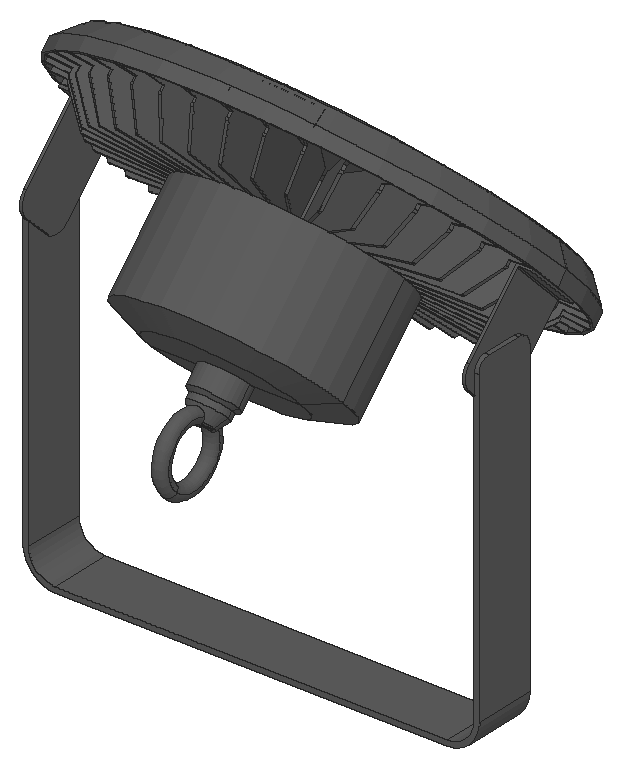
Revit family "0039347+0039353 Feilo Sylvania Lighting Fixture START HIGHBAY 4K 13KLM WIDE with BRACKET", category Lighting Fixtures, host Face, Revit 2017
Family settings
  Host = Face
  Round Connector Dimension = Use Diameter
  Part Type = Normal
  OmniClass Number = 23.80.70.00
  OmniClass Title = Lighting
  Cut with Voids When Loaded = No
  Light Source = No
  Shared = No
  Room Calculation Point = No
Parameters (values of type "0039347+0039353 START HIGHBAY 4K 13KLM WIDE with BRACKET     ")
  Weight = "3.0 kg"
  Wattage Comments = ""
  WarrantyStartDate [instance] = "n/a"
  WarrantyGuarantorParts = "n/a"
  WarrantyDurationUnit = "n/a"
  WarrantyDurationParts = "n/a"
  WarrantyDescription = "n/a"
  Voltage = 230 V
  URL = "http://www.sylvania-lighting.com"
  TypeName = "START HIGHBAY 4K 13KLM WIDE with BRACKET"
  TypeHead_FEILO = Start LED Highbay Head : 0039347+0039353 START HIGHBAY 4K 13KLM WIDE with BRACKET     
  Type Image = <None>
  Type Comments = "n/a"
  TiltAngle_FEILO [instance] = 45.00°
  ThicknessBracketPlate_FEILO = 3 mm
  SizeBracketS_FEILO = yes
  SizeBracketM_FEILO = no
  SerialNumber [instance] = "n/a"
  RadiusBracketTop_FEILO = 7 mm
  RadiusBendOut_FEILO = if(SizeBracketS_FEILO, 18 mm, if(SizeBracketM_FEILO, 24 mm, 28 mm))  # 18 mm
  RadiusBendIn_FEILO = RadiusBendOut_FEILO - ThicknessBracketPlate_FEILO  # 15 mm
  Material_3_FEILO = none
  PowerFactor = 0.95
  PowerConsumption = "100 W"
  NominalLength = 270 mm
  NominalHeight = 170 mm
  NominalDepth = 270 mm
  Name = "START HIGHBAY 4K 13KLM WIDE with BRACKET"
  ModelReference = Name  # "START HIGHBAY 4K 13KLM WIDE with BRACKET"
  ModelNumber = "0039347+0039353"
  Model = Name  # "START HIGHBAY 4K 13KLM WIDE with BRACKET"
  Material = "aluminium alloy housing, polycarbonate diffuser"
  ManufacturerName = "Feilo Sylvania"
  Manufacturer = "Feilo Sylvania"
  LuminousEfficacy = "130 lm/W"
  LuminaireType = ""
  LightOutputRatio = "n/a"
  LampsType = Lamp  # "LED"
  LampNominalLuminous = "13000 lm"
  LampMacAdamStep = "n/a"
  LampColourTemperature = "4000 K"
  LampColourRenderingIndex = "80"
  Lamp = "LED"
  Keynote = "16500"
  InstallationDate [instance] = "n/a"
  InputVoltage = "220-240V~"
  InputNominalFrequency = "50/60 Hz"
  IngressProtection = "IP65"
  ImpactProtectionIndex = "IK08"
  IfcExportType = "IfcLightFixtureType"
  IfcExportAs = "IfcLightFixtureType"
  ExpectedLife = 50000
  EndAngle_FEILO [instance] = TiltAngle_FEILO + 180.00°  # 225.00°
  ElectricShockClassification = "Class I"
  DurationUnit = "hours"
  DocumentationLiterature = "http://www.sylvania-lighting.com/product/en-int/products/0039347"
  DimmingControlOptions = "n/a"
  Material_2_FEILO = none
  Description = "START HIGHBAY, includes 1 m cables, black aluminium housing, 13000LM, 100W, 130lm/W, 4000K, Driver current: 2140mA, CR80, 90° beam angle, 1-10V dimmable,  IP65, IK08, 50,000 hrs (L70B50), (LxWxH) 270x270x170mm"
  Default Elevation = 1219.2 mm
  CreatedOn = "2/28/2018"
  CreatedBy = ""
  Cost = 0
  built-in parameter 1114216 [instance] = (empty or 0)
  ClassificationValue = "EF_70_80"
  ClassificationName = "Uniclass2015"
  Material_1_FEILO = Body-Sylvania-StartHighbay-Black
  BracketHeight_FEILO = if(SizeBracketS_FEILO, 199.5 mm, if(SizeBracketM_FEILO, 209.6 mm, 201.3 mm))  # 199.5 mm
  BracketDistanceInner_FEILO = if(SizeBracketS_FEILO, 249.4 mm, if(SizeBracketM_FEILO, 273.6 mm, 313.2 mm))  # 249.4 mm
  BarCode [instance] = "n/a"
  AssetType = "Fixed"
  AssetIdentifier [instance] = "n/a"
  Assembly Code = "D5020200"
  Apparent Load = 100 VA
  Material_4_FEILO = none
Reference planes
  plane 1 "Center (Front/Back)": y = 0
  plane 2: z = 0
  plane 3 "Center (Left/Right)": x = 0
  plane 4: x = -127.7
  plane 5: x = 127.7
  plane 6: z = 199.5
  plane 7: x = -124.7
  plane 8: z = 3
  plane 9: x = 124.7
  plane 10: y = 17.5
  plane 11: y = -17.5
  plane 12: y = -19.5
  plane 13: z = 201.5
  plane 14: y = 19.5
  plane 15: z = 190.5
Forms (mm)
  Extrusion 1, solid, material "Body-Sylvania-StartHighbay-Black" <- "Material_1_FEILO"
    sketch origin (0, 0, 0) x (1, 0, 0) y (0, 0, 1)
      loop
        line (-127.7, 199.5) -> (-127.7, 18)
        arc (-127.7, 18) -> (-122.428, 5.272) -> (-109.7, 0) r 18
        line (-109.7, 0) -> (109.7, 0)
        arc (109.7, 0) -> (122.428, 5.272) -> (127.7, 18) r 18
        line (127.7, 18) -> (127.7, 199.5) -> (124.7, 199.5) -> (124.7, 18)
        arc (124.7, 18) -> (120.307, 7.393) -> (109.7, 3) r 15
        line (109.7, 3) -> (-109.7, 3)
        arc (-109.7, 3) -> (-120.307, 7.393) -> (-124.7, 18) r 15
        line (-124.7, 18) -> (-124.7, 199.5) -> (-127.7, 199.5)
    from -17.5 to 17.5
  Extrusion 2, void
    sketch origin (0, 0, 0) x (0, 1, 0) y (0, 0, 1)
      loop
        arc (10.5, 199.5) -> (15.45, 197.45) -> (17.5, 192.5) r 7
        line (17.5, 192.5) -> (19.5, 192.5) -> (19.5, 201.5) -> (-19.5, 201.5) -> (-19.5, 192.5) -> (-17.5, 192.5)
        arc (-17.5, 192.5) -> (-15.45, 197.45) -> (-10.5, 199.5) r 7
        line (-10.5, 199.5) -> (10.5, 199.5)
    from -127.7 to 127.7
  Revolve 3, solid, not visible
    sketch origin (1223.4, -4572, 190.5) x (0, -1, 0) y (1, 0, 0)
      loop
        line (-4572, -1223.4) -> (-4591.5, -1223.4) -> (-4591.5, -1277.783) -> (-4572, -1277.783) -> (-4572, -1223.4)
      axis (-4572, -1223.4) -> (-4572, -1277.783)
    angle from 45 <- "TiltAngle_FEILO" to 225 <- "EndAngle_FEILO"
Cuts and joins
  Extrusion 2 cuts Extrusion 1
Dimensions and locks
  "BracketHeight_FEILO": plane 6 to plane 2
  equal spacing: plane 11, plane 1 "Center (Front/Back)", plane 10
  locked: plane 11 to plane 10 at 35
  equal spacing: plane 9, plane 3 "Center (Left/Right)", plane 7
  "BracketDistanceInner_FEILO": plane 9 to plane 7
  "ThicknessBracketPlate_FEILO": plane 7 to plane 4
  "ThicknessBracketPlate_FEILO": plane 8 to plane 2
  equal spacing: plane 5, plane 3 "Center (Left/Right)", plane 4
  equal spacing: plane 12, plane 1 "Center (Front/Back)", plane 14
  locked: plane 6 to plane 13 at 2
  locked: plane 12 to plane 11 at 2
  locked: plane 6 to plane 15 at 9
  "RadiusBendOut_FEILO": radius of Extrusion 1 sketch curve  (x2)
  "RadiusBendIn_FEILO": radius of Extrusion 1 sketch curve  (x2)
  "RadiusBracketTop_FEILO": radius of Extrusion 2 sketch curve  (x2)
  aligned and locked: plane 2 to host face
  aligned and locked: level to host face
  aligned and locked: Extrusion 1 sketch curve to plane 4
  aligned and locked: Extrusion 1 sketch curve to level
  aligned and locked: plane 6 to Extrusion 1 sketch curve
  aligned and locked: Extrusion 1 sketch curve to plane 6
  aligned and locked: Extrusion 1 sketch curve to plane 7
  aligned and locked: plane 9 to Extrusion 1 sketch curve
  aligned and locked: plane 8 to Extrusion 1 sketch curve
  aligned and locked: Extrusion 1 to plane 10
  aligned and locked: plane 11 to Extrusion 1
  aligned and locked: Extrusion 1 to Extrusion 2 sketch curve
  aligned and locked: plane 14 to Extrusion 2 sketch curve  (x2)
  aligned and locked: Extrusion 2 sketch curve to plane 12
  aligned and locked: plane 13 to Extrusion 2 sketch curve
  aligned and locked: plane 5 to Extrusion 2
  aligned and locked: Extrusion 2 to plane 4
  aligned and locked: Revolve 3 sketch curve to plane 1 "Center (Front/Back)"
  aligned and locked: Revolve 3 sketch curve to Revolve 3 sketch curve
  aligned and locked: plane 3 "Center (Left/Right)" to Revolve 3 sketch curve
  aligned and locked: Revolve 3 sketch curve to plane 14
  aligned and locked: nested 1 to plane 3 "Center (Left/Right)"
Automatic sketch dimensions
  host sketch curve to host sketch curve = 2438.4 mm  (x2)
  Revolve 3 sketch curve to Revolve 3 sketch curve = 54.383 mm
  Revolve 3 sketch curve to plane 4 = 1396.3 mm
  plane 5 to Revolve 3 sketch curve = 1396.3 mm
  Extrusion 1 sketch curve to Extrusion 1 sketch curve = 0 mm
  Extrusion 2 sketch curve to plane 11 = 0 mm
  Extrusion 2 sketch curve to plane 10 = 0 mm
Nested families
  nested 1: "Start LED Highbay Head" at (0, 0, 190.5) x (-1, 0, 0) z (0, 0.7071, 0.7071), type <- "TypeHead_FEILO", type "0039347+0039353 START HIGHBAY 4K 13KLM WIDE with BRACKET     "
    with built-in parameter 1114216 (empty or 0)
Connectors
  electrical at (0, 0, 0), driven by "Apparent Load", driven by "PowerFactor", driven by "Voltage"
    settings: index 1, voltage 230 V, apparent load 100 VA, apparent load phase1 0 VA, apparent load phase2 0 VA, apparent load phase3 0 VA, power factor 0.95, load classification "Lighting", number of poles 1, system type 30, power factor state 1, is connector primary yes, connector utility no, sub classification motor no, connector description ""
Definition of nested family "Start LED Highbay Head"
  Parameters (values of type "0039351+0039354+0039358 START HIGHBAY 6K 19KLM WIDE with BRACKET and PC LAMPSHADE TRANSPARENT ")
    X_FEILO = if(SizeS_FEILO, 60.3 mm, if(SizeM_FEILO, 70.4 mm, 83.5 mm))  # 70.4 mm
    WidthStraight_FEILO = if(SizeS_FEILO, 3 mm, if(SizeM_FEILO, 4 mm, 4.7 mm))  # 4 mm
    WidthRingChamfer_FEILO = if(SizeS_FEILO, 10.3 mm, if(SizeM_FEILO, 11.2 mm, 12.9 mm))  # 11.2 mm
    WidthCurved_FEILO = if(SizeS_FEILO, 17.4 mm, if(SizeM_FEILO, 16.4 mm, 26.2 mm))  # 16.4 mm
    WidthCurvedRing_FEILO = if(SizeS_FEILO, 3 mm, if(SizeM_FEILO, 4 mm, 4.7 mm))  # 4 mm
    WidthBracket_FEILO = 40 mm
    Wattage Comments = ""
    Wattage = 150 W
    built-in parameter 1150110 = 1 (stored number, unit not read)
    URL = "http://www.feilosylvania.com"
    Type Image = (empty or 0)
    Type Comments = "n/a"
    built-in parameter 1114217 = 1 (stored number, unit not read)
    Tilt Angle = -90.00°
    ThicknessWall_FEILO = 1.5 mm
    ThicknessBracket_FEILO = 1.5 mm
    ThicknessBracketHalf_FEILO = ThicknessBracket_FEILO / 2  # 0.75 mm
    built-in parameter 1150109 = 1 (stored number, unit not read)
    built-in parameter 1150134 = 1
    built-in parameter 1150113 = 1 (stored number, unit not read)
    SizeS_FEILO = no
    SizeM_FEILO = yes
    ShadeThickness_FEILO = 3 mm
    ShadeSizeSM_FEILO = or(SizeS_FEILO, SizeM_FEILO)  # yes
    ShadeRadiusOut_FEILO = 205 mm
    ShadeRadiusIn_FEILO = if(ShadeSizeSM_FEILO, 95 mm, 121 mm)  # 95 mm
    ShadeRadiusBend_FEILO = if(ShadeSizeSM_FEILO, 210 mm, 210 mm)  # 210 mm
    ShadeOn_FEILO = yes
    ShadeHeight_FEILO = if(ShadeSizeSM_FEILO, 120 mm, 151 mm)  # 120 mm
    Rib4_FEILO = if(SizeS_FEILO, 18.1 mm, if(SizeM_FEILO, 13.6 mm, 14.6 mm))  # 13.6 mm
    Rib3_FEILO = if(SizeS_FEILO, 15.3 mm, if(SizeM_FEILO, 17.6 mm, 20.2 mm))  # 17.6 mm
    Rib2_FEILO = if(SizeS_FEILO, 3.6 mm, if(SizeM_FEILO, 3.9 mm, 4.5 mm))  # 3.9 mm
    Rib1_FEILO = if(SizeS_FEILO, 15.1 mm, if(SizeM_FEILO, 16.5 mm, 19 mm))  # 16.5 mm
    RadiusDiffuser_FEILO = if(SizeS_FEILO, 95.2 mm, if(SizeM_FEILO, 105.3 mm, 120 mm))  # 105.3 mm
    RadiusArrayPost_FEILO = DriverRadius_FEILO - 6 mm  # 61.2 mm
    RHRadius3_FEILO = if(SizeS_FEILO, 6.6 mm, if(SizeM_FEILO, 7.4 mm, 8.6 mm))  # 7.4 mm
    RHRadius2_FEILO = if(SizeS_FEILO, 11 mm, if(SizeM_FEILO, 12 mm, 14 mm))  # 12 mm
    RHRadius1_FEILO = if(SizeS_FEILO, 13.6 mm, if(SizeM_FEILO, 14.9 mm, 17.7 mm))  # 14.9 mm
    RHHeight4_FEILO = if(SizeS_FEILO, 7.3 mm, if(SizeM_FEILO, 8 mm, 9.2 mm))  # 8 mm
    RHHeight3_FEILO = if(SizeS_FEILO, 3.6 mm, if(SizeM_FEILO, 3.7 mm, 4.6 mm))  # 3.7 mm
    RHHeight2_FEILO = if(SizeS_FEILO, 2 mm, if(SizeM_FEILO, 2.2 mm, 2.6 mm))  # 2.2 mm
    RHHeight1_FEILO = if(SizeS_FEILO, 11.8 mm, if(SizeM_FEILO, 15.3 mm, 17.4 mm))  # 15.3 mm
    Photometric Web File = "0039351+0039358.ies"
    Material_5_FEILO = none
    Material_3_FEILO = none
    Model = "START HIGHBAY 6K 19KLM WIDE with BRACKET and PC LAMPSHADE TRANSPARENT"
    Manufacturer = "Feilo Sylvania"
    built-in parameter 1150105 = 10854.2 (stored number, unit not read)
    Lumens = 19500 lm
    built-in parameter 1150115 = 1 (stored number, unit not read)
    built-in parameter 1150137 = (empty or 0)
    built-in parameter 1150139 = (empty or 0)
    built-in parameter 1150112 = 1 (stored number, unit not read)
    built-in parameter 1150114 = 1 (stored number, unit not read)
    Lamp = "LED"
    Keynote = "16500"
    built-in parameter 1150132 = (empty or 0)
    built-in parameter 1150102 = (empty or 0)
    built-in parameter 1150107 = 6500 (stored number, unit not read)
    built-in parameter 1150138 = (empty or 0)
    built-in parameter 1150106 = 108.54 (stored number, unit not read)
    HeightRing_FEILO = if(SizeS_FEILO, 19.8 mm, if(SizeM_FEILO, 32 mm, 36.8 mm))  # 32 mm
    HeightRingChamfer_FEILO = if(SizeS_FEILO, 11.7 mm, if(SizeM_FEILO, 23.2 mm, 26.6 mm))  # 23.2 mm
    EyeThickness_FEILO = if(SizeS_FEILO, 8.4 mm, if(SizeM_FEILO, 9.2 mm, 10.5 mm))  # 9.2 mm
    EyeThicknessHalf_FEILO = EyeThickness_FEILO / 2  # 4.6 mm
    EyeInner_FEILO = if(SizeS_FEILO, 13.8 mm, if(SizeM_FEILO, 15.1 mm, 17.3 mm))  # 15.1 mm
    Emit from Circle Diameter = RadiusDiffuser_FEILO * 2  # 210.6 mm
    Emit Shape Visible in Rendering = no
    built-in parameter 1150104 = 12.077 (stored number, unit not read)
    DriverVerticalStraight_FEILO = if(SizeS_FEILO, 46.5 mm, if(SizeM_FEILO, 49.7 mm, 57 mm))  # 49.7 mm
    DriverVerticalChamfer_FEILO = if(SizeS_FEILO, 7.5 mm, if(SizeM_FEILO, 8.2 mm, 9.5 mm))  # 8.2 mm
    DriverRadius_FEILO = if(SizeS_FEILO, 61.4 mm, if(SizeM_FEILO, 67.2 mm, 76.4 mm))  # 67.2 mm
    DriverRadiusTop_FEILO = if(SizeS_FEILO, 42 mm, if(SizeM_FEILO, 45.3 mm, 52.4 mm))  # 45.3 mm
    DriverBottom_FEILO = if(SizeS_FEILO, 56 mm, if(SizeM_FEILO, 64.5 mm, 74 mm))  # 64.5 mm
    Material_2_FEILO = none
    Radius_FEILO = if(SizeS_FEILO, 135 mm, if(SizeM_FEILO, 148 mm, 169.5 mm))  # 148 mm
    Dimming Lamp Color Temperature Shift = (empty or 0)
    DiameterWire_FEILO = 3 mm
    DiameterWireSupport_FEILO = 10 mm
    Description = "START HIGHBAY, includes 1 m cables, black aluminium housing, 19500LM, 150W, 130lm/W, 6500K, Driver current: 2140mA, CR80, 60° beam angle, 1-10V dimmable,  IP65, IK08, 50,000 hrs (L70B50), (LxWxH) 296x296x177mm"
    Default Elevation = 1219.2 mm
    Cost = 0
    Color Filter = 16777215
    built-in parameter 1114216 [instance] = (empty or 0)
    Material_1_FEILO = none
    built-in parameter 1114218 = 1 (stored number, unit not read)
    built-in parameter 1150133 = 10 (stored number, unit not read)
    Assembly Code = "D5020200"
    Apparent Load = 150 VA
    Material_4_FEILO = none
  Types (36, lengths in mm): name | X_FEILO | WidthStraight_FEILO | WidthRingChamfer_FEILO | WidthCurved_FEILO | WidthCurvedRing_FEILO | Wattage | built-in parameter 1150134 | SizeS_FEILO | SizeM_FEILO | ShadeSizeSM_FEILO | ShadeRadiusIn_FEILO | ShadeOn_FEILO | ShadeHeight_FEILO | Rib4_FEILO | Rib3_FEILO | Rib2_FEILO | Rib1_FEILO | RadiusDiffuser_FEILO | RadiusArrayPost_FEILO | RHRadius3_FEILO | RHRadius2_FEILO | RHRadius1_FEILO | RHHeight4_FEILO | RHHeight3_FEILO | RHHeight2_FEILO | RHHeight1_FEILO | Photometric Web File | Model | built-in parameter 1150105 | Lumens | built-in parameter 1150107 | built-in parameter 1150106 | HeightRing_FEILO | HeightRingChamfer_FEILO | EyeThickness_FEILO | EyeThicknessHalf_FEILO | EyeInner_FEILO | Emit from Circle Diameter | DriverVerticalStraight_FEILO | DriverVerticalChamfer_FEILO | DriverRadius_FEILO | DriverRadiusTop_FEILO | DriverBottom_FEILO | Radius_FEILO | Description | Apparent Load
    0039352+0039355+0039361 START HIGHBAY 6K 26KLM WIDE with BRACKET and PC LAMPSHADE TRANSPARENT | 83.5 | 4.7 | 12.9 | 26.2 | 4.7 | 200 W | 1 | no | no | no | 121 | yes | 151 | 14.6 | 20.2 | 4.5 | 19 | 120 | 70.4 | 8.6 | 14 | 17.7 | 9.2 | 4.6 | 2.6 | 17.4 | "0039352+0039361.ies" | "START HIGHBAY 6K 26KLM WIDE with BRACKET and PC LAMPSHADE TRANSPARENT" | 17911 (stored number, unit not read) | 26000 lm | 6500 (stored number, unit not read) | 179.11 (stored number, unit not read) | 36.8 | 26.6 | 10.5 | 5.25 | 17.3 | 240 | 57 | 9.5 | 76.4 | 52.4 | 74 | 169.5 | "START HIGHBAY, includes 1 m cables, black aluminium housing, 26000LM, 200W, 130lm/W, 6500K, Driver current: 5000mA, CR80, 60° beam angle, 1-10V dimmable,  IP65, IK08, 50,000 hrs (L70B50), (LxWxH) 339x339x194mm" | 200 VA
    0039352+0039355+0039360 START HIGHBAY 6K 26KLM WIDE with BRACKET and ALU SHADE BLACK COLOR | 83.5 | 4.7 | 12.9 | 26.2 | 4.7 | 200 W | 1 | no | no | no | 121 | yes | 151 | 14.6 | 20.2 | 4.5 | 19 | 120 | 70.4 | 8.6 | 14 | 17.7 | 9.2 | 4.6 | 2.6 | 17.4 | "0039352+0039360.ies" | "START HIGHBAY 6K 26KLM WIDE with BRACKET and ALU SHADE BLACK COLOR" | 14870 (stored number, unit not read) | 26000 lm | 6500 (stored number, unit not read) | 148.7 (stored number, unit not read) | 36.8 | 26.6 | 10.5 | 5.25 | 17.3 | 240 | 57 | 9.5 | 76.4 | 52.4 | 74 | 169.5 | "START HIGHBAY, includes 1 m cables, black aluminium housing, 26000LM, 200W, 130lm/W, 6500K, Driver current: 5000mA, CR80, 60° beam angle, 1-10V dimmable,  IP65, IK08, 50,000 hrs (L70B50), (LxWxH) 339x339x194mm" | 200 VA
    0039352+0039355+0039359 START HIGHBAY 6K 26KLM WIDE with BRACKET and ALU SHADE ALU COLOR | 83.5 | 4.7 | 12.9 | 26.2 | 4.7 | 200 W | 1 | no | no | no | 121 | yes | 151 | 14.6 | 20.2 | 4.5 | 19 | 120 | 70.4 | 8.6 | 14 | 17.7 | 9.2 | 4.6 | 2.6 | 17.4 | "0039352+0039359.ies" | "START HIGHBAY 6K 26KLM WIDE with BRACKET and ALU SHADE ALU COLOR" | 14870 (stored number, unit not read) | 26000 lm | 6500 (stored number, unit not read) | 148.7 (stored number, unit not read) | 36.8 | 26.6 | 10.5 | 5.25 | 17.3 | 240 | 57 | 9.5 | 76.4 | 52.4 | 74 | 169.5 | "START HIGHBAY, includes 1 m cables, black aluminium housing, 26000LM, 200W, 130lm/W, 6500K, Driver current: 5000mA, CR80, 60° beam angle, 1-10V dimmable,  IP65, IK08, 50,000 hrs (L70B50), (LxWxH) 339x339x194mm" | 200 VA
    0039352+0039355 START HIGHBAY 6K 26KLM WIDE with BRACKET | 83.5 | 4.7 | 12.9 | 26.2 | 4.7 | 200 W | 1 | no | no | no | 121 | no | 151 | 14.6 | 20.2 | 4.5 | 19 | 120 | 70.4 | 8.6 | 14 | 17.7 | 9.2 | 4.6 | 2.6 | 17.4 | "0039352.ies" | "START HIGHBAY 6K 26KLM WIDE with BRACKET" | 13836.2 (stored number, unit not read) | 26000 lm | 6500 (stored number, unit not read) | 138.36 (stored number, unit not read) | 36.8 | 26.6 | 10.5 | 5.25 | 17.3 | 240 | 57 | 9.5 | 76.4 | 52.4 | 74 | 169.5 | "START HIGHBAY, includes 1 m cables, black aluminium housing, 26000LM, 200W, 130lm/W, 6500K, Driver current: 5000mA, CR80, 60° beam angle, 1-10V dimmable,  IP65, IK08, 50,000 hrs (L70B50), (LxWxH) 339x339x194mm" | 200 VA
    0039351+0039354+0039358 START HIGHBAY 6K 19KLM WIDE with BRACKET and PC LAMPSHADE TRANSPARENT | 70.4 | 4 | 11.2 | 16.4 | 4 | 150 W | 1 | no | yes | yes | 95 | yes | 120 | 13.6 | 17.6 | 3.9 | 16.5 | 105.3 | 61.2 | 7.4 | 12 | 14.9 | 8 | 3.7 | 2.2 | 15.3 | "0039351+0039358.ies" | "START HIGHBAY 6K 19KLM WIDE with BRACKET and PC LAMPSHADE TRANSPARENT" | 10854.2 (stored number, unit not read) | 19500 lm | 6500 (stored number, unit not read) | 108.54 (stored number, unit not read) | 32 | 23.2 | 9.2 | 4.6 | 15.1 | 210.6 | 49.7 | 8.2 | 67.2 | 45.3 | 64.5 | 148 | "START HIGHBAY, includes 1 m cables, black aluminium housing, 19500LM, 150W, 130lm/W, 6500K, Driver current: 2140mA, CR80, 60° beam angle, 1-10V dimmable,  IP65, IK08, 50,000 hrs (L70B50), (LxWxH) 296x296x177mm" | 150 VA
    0039351+0039354+0039357 START HIGHBAY 6K 19KLM WIDE with BRACKET and ALU SHADE BLACK COLOR | 70.4 | 4 | 11.2 | 16.4 | 4 | 150 W | 1 | no | yes | yes | 95 | yes | 120 | 13.6 | 17.6 | 3.9 | 16.5 | 105.3 | 61.2 | 7.4 | 12 | 14.9 | 8 | 3.7 | 2.2 | 15.3 | "0039351+0039357.ies" | "START HIGHBAY 6K 19KLM WIDE with BRACKET and ALU SHADE BLACK COLOR" | 11152.5 (stored number, unit not read) | 19500 lm | 6500 (stored number, unit not read) | 111.52 (stored number, unit not read) | 32 | 23.2 | 9.2 | 4.6 | 15.1 | 210.6 | 49.7 | 8.2 | 67.2 | 45.3 | 64.5 | 148 | "START HIGHBAY, includes 1 m cables, black aluminium housing, 19500LM, 150W, 130lm/W, 6500K, Driver current: 2140mA, CR80, 60° beam angle, 1-10V dimmable,  IP65, IK08, 50,000 hrs (L70B50), (LxWxH) 296x296x177mm" | 150 VA
    0039351+0039354+0039356 START HIGHBAY 6K 19KLM WIDE with BRACKET and ALU SHADE ALU COLOR | 70.4 | 4 | 11.2 | 16.4 | 4 | 150 W | 1 | no | yes | yes | 95 | yes | 120 | 13.6 | 17.6 | 3.9 | 16.5 | 105.3 | 61.2 | 7.4 | 12 | 14.9 | 8 | 3.7 | 2.2 | 15.3 | "0039351+0039356.ies" | "START HIGHBAY 6K 19KLM WIDE with BRACKET and ALU SHADE ALU COLOR" | 11152.5 (stored number, unit not read) | 19500 lm | 6500 (stored number, unit not read) | 111.52 (stored number, unit not read) | 32 | 23.2 | 9.2 | 4.6 | 15.1 | 210.6 | 49.7 | 8.2 | 67.2 | 45.3 | 64.5 | 148 | "START HIGHBAY, includes 1 m cables, black aluminium housing, 19500LM, 150W, 130lm/W, 6500K, Driver current: 2140mA, CR80, 60° beam angle, 1-10V dimmable,  IP65, IK08, 50,000 hrs (L70B50), (LxWxH) 296x296x177mm" | 150 VA
    0039351+0039354 START HIGHBAY 6K 19KLM WIDE with BRACKET | 70.4 | 4 | 11.2 | 16.4 | 4 | 150 W | 1 | no | yes | yes | 95 | no | 120 | 13.6 | 17.6 | 3.9 | 16.5 | 105.3 | 61.2 | 7.4 | 12 | 14.9 | 8 | 3.7 | 2.2 | 15.3 | "0039351.ies" | "START HIGHBAY 6K 19KLM WIDE with BRACKET" | 10377.1 (stored number, unit not read) | 19500 lm | 6500 (stored number, unit not read) | 103.77 (stored number, unit not read) | 32 | 23.2 | 9.2 | 4.6 | 15.1 | 210.6 | 49.7 | 8.2 | 67.2 | 45.3 | 64.5 | 148 | "START HIGHBAY, includes 1 m cables, black aluminium housing, 19500LM, 150W, 130lm/W, 6500K, Driver current: 2140mA, CR80, 60° beam angle, 1-10V dimmable,  IP65, IK08, 50,000 hrs (L70B50), (LxWxH) 296x296x177mm" | 150 VA
    0039350+0039353+0039358 START HIGHBAY 6K 13KLM WIDE with BRACKET and PC LAMPSHADE TRANSPARENT | 60.3 | 3 | 10.3 | 17.4 | 3 | 100 W | 1 | yes | no | yes | 95 | yes | 120 | 18.1 | 15.3 | 3.6 | 15.1 | 95.2 | 55.4 | 6.6 | 11 | 13.6 | 7.3 | 3.6 | 2 | 11.8 | "0039350+0039358.ies" | "START HIGHBAY 6K 13KLM WIDE with BRACKET and PC LAMPSHADE TRANSPARENT" | 7236.1 (stored number, unit not read) | 13000 lm | 6500 (stored number, unit not read) | 72.361 (stored number, unit not read) | 19.8 | 11.7 | 8.4 | 4.2 | 13.8 | 190.4 | 46.5 | 7.5 | 61.4 | 42 | 56 | 135 | "START HIGHBAY, includes 1 m cables, black aluminium housing, 13000LM, 100W, 130lm/W, 6500K, Driver current: 2140mA, CR80, 60° beam angle, 1-10V dimmable,  IP65, IK08, 50,000 hrs (L70B50), (LxWxH) 270x270x170mm" | 100 VA
    0039350+0039353+0039357 START HIGHBAY 6K 13KLM WIDE with BRACKET and ALU SHADE BLACK COLOR | 60.3 | 3 | 10.3 | 17.4 | 3 | 100 W | 1 | yes | no | yes | 95 | yes | 120 | 18.1 | 15.3 | 3.6 | 15.1 | 95.2 | 55.4 | 6.6 | 11 | 13.6 | 7.3 | 3.6 | 2 | 11.8 | "0039350+0039357.ies" | "START HIGHBAY 6K 13KLM WIDE with BRACKET and ALU SHADE BLACK COLOR" | 7435 (stored number, unit not read) | 13000 lm | 6500 (stored number, unit not read) | 74.35 (stored number, unit not read) | 19.8 | 11.7 | 8.4 | 4.2 | 13.8 | 190.4 | 46.5 | 7.5 | 61.4 | 42 | 56 | 135 | "START HIGHBAY, includes 1 m cables, black aluminium housing, 13000LM, 100W, 130lm/W, 6500K, Driver current: 2140mA, CR80, 60° beam angle, 1-10V dimmable,  IP65, IK08, 50,000 hrs (L70B50), (LxWxH) 270x270x170mm" | 100 VA
    0039350+0039353+0039356 START HIGHBAY 6K 13KLM WIDE with BRACKET and ALU SHADE ALU COLOR | 60.3 | 3 | 10.3 | 17.4 | 3 | 100 W | 1 | yes | no | yes | 95 | yes | 120 | 18.1 | 15.3 | 3.6 | 15.1 | 95.2 | 55.4 | 6.6 | 11 | 13.6 | 7.3 | 3.6 | 2 | 11.8 | "0039350+0039356.ies" | "START HIGHBAY 6K 13KLM WIDE with BRACKET and ALU SHADE ALU COLOR" | 7435 (stored number, unit not read) | 13000 lm | 6500 (stored number, unit not read) | 74.35 (stored number, unit not read) | 19.8 | 11.7 | 8.4 | 4.2 | 13.8 | 190.4 | 46.5 | 7.5 | 61.4 | 42 | 56 | 135 | "START HIGHBAY, includes 1 m cables, black aluminium housing, 13000LM, 100W, 130lm/W, 6500K, Driver current: 2140mA, CR80, 60° beam angle, 1-10V dimmable,  IP65, IK08, 50,000 hrs (L70B50), (LxWxH) 270x270x170mm" | 100 VA
    0039350+0039353 START HIGHBAY 6K 13KLM WIDE with BRACKET | 60.3 | 3 | 10.3 | 17.4 | 3 | 100 W | 1 | yes | no | yes | 95 | no | 120 | 18.1 | 15.3 | 3.6 | 15.1 | 95.2 | 55.4 | 6.6 | 11 | 13.6 | 7.3 | 3.6 | 2 | 11.8 | "0039350.ies" | "START HIGHBAY 6K 13KLM WIDE with BRACKET" | 6918.1 (stored number, unit not read) | 13000 lm | 6500 (stored number, unit not read) | 69.181 (stored number, unit not read) | 19.8 | 11.7 | 8.4 | 4.2 | 13.8 | 190.4 | 46.5 | 7.5 | 61.4 | 42 | 56 | 135 | "START HIGHBAY, includes 1 m cables, black aluminium housing, 13000LM, 100W, 130lm/W, 6500K, Driver current: 2140mA, CR80, 60° beam angle, 1-10V dimmable,  IP65, IK08, 50,000 hrs (L70B50), (LxWxH) 270x270x170mm" | 100 VA
    0039349+0039355+0039361 START HIGHBAY 4K 26KLM WIDE with BRACKET and PC LAMPSHADE TRANSPARENT FOR | 83.5 | 4.7 | 12.9 | 26.2 | 4.7 | 200 W | 12 | no | no | no | 121 | yes | 151 | 14.6 | 20.2 | 4.5 | 19 | 120 | 70.4 | 8.6 | 14 | 17.7 | 9.2 | 4.6 | 2.6 | 17.4 | "0039349+0039361.ies" | "START HIGHBAY 4K 26KLM WIDE with BRACKET and PC LAMPSHADE TRANSPARENT FOR" | 17911 (stored number, unit not read) | 26000 lm | 4000 (stored number, unit not read) | 179.11 (stored number, unit not read) | 36.8 | 26.6 | 10.5 | 5.25 | 17.3 | 240 | 57 | 9.5 | 76.4 | 52.4 | 74 | 169.5 | "START HIGHBAY, includes 1 m cables, black aluminium housing, 26000LM, 200W, 130lm/W, 4000K, Driver current: 5000mA, CR80, 90° beam angle, 1-10V dimmable,  IP65, IK08, 50,000 hrs (L70B50), (LxWxH) 339x339x194mm" | 200 VA
    0039349+0039355+0039360 START HIGHBAY 4K 26KLM WIDE with BRACKET and ALU SHADE BLACK COLOR | 83.5 | 4.7 | 12.9 | 26.2 | 4.7 | 200 W | 12 | no | no | no | 121 | yes | 151 | 14.6 | 20.2 | 4.5 | 19 | 120 | 70.4 | 8.6 | 14 | 17.7 | 9.2 | 4.6 | 2.6 | 17.4 | "0039349+0039360.ies" | "START HIGHBAY 4K 26KLM WIDE with BRACKET and ALU SHADE BLACK COLOR" | 14870 (stored number, unit not read) | 26000 lm | 4000 (stored number, unit not read) | 148.7 (stored number, unit not read) | 36.8 | 26.6 | 10.5 | 5.25 | 17.3 | 240 | 57 | 9.5 | 76.4 | 52.4 | 74 | 169.5 | "START HIGHBAY, includes 1 m cables, black aluminium housing, 26000LM, 200W, 130lm/W, 4000K, Driver current: 5000mA, CR80, 90° beam angle, 1-10V dimmable,  IP65, IK08, 50,000 hrs (L70B50), (LxWxH) 339x339x194mm" | 200 VA
    0039349+0039355+0039359 START HIGHBAY 4K 26KLM WIDE with BRACKET and ALU SHADE ALU COLOR | 83.5 | 4.7 | 12.9 | 26.2 | 4.7 | 200 W | 12 | no | no | no | 121 | yes | 151 | 14.6 | 20.2 | 4.5 | 19 | 120 | 70.4 | 8.6 | 14 | 17.7 | 9.2 | 4.6 | 2.6 | 17.4 | "0039349+0039359.ies" | "START HIGHBAY 4K 26KLM WIDE with BRACKET and ALU SHADE ALU COLOR" | 14870 (stored number, unit not read) | 26000 lm | 4000 (stored number, unit not read) | 148.7 (stored number, unit not read) | 36.8 | 26.6 | 10.5 | 5.25 | 17.3 | 240 | 57 | 9.5 | 76.4 | 52.4 | 74 | 169.5 | "START HIGHBAY, includes 1 m cables, black aluminium housing, 26000LM, 200W, 130lm/W, 4000K, Driver current: 5000mA, CR80, 90° beam angle, 1-10V dimmable,  IP65, IK08, 50,000 hrs (L70B50), (LxWxH) 339x339x194mm" | 200 VA
    0039349+0039355 START HIGHBAY 4K 26KLM WIDE with BRACKET | 83.5 | 4.7 | 12.9 | 26.2 | 4.7 | 200 W | 12 | no | no | no | 121 | no | 151 | 14.6 | 20.2 | 4.5 | 19 | 120 | 70.4 | 8.6 | 14 | 17.7 | 9.2 | 4.6 | 2.6 | 17.4 | "0039349.ies" | "START HIGHBAY 4K 26KLM WIDE with BRACKET" | 13836.2 (stored number, unit not read) | 26000 lm | 4000 (stored number, unit not read) | 138.36 (stored number, unit not read) | 36.8 | 26.6 | 10.5 | 5.25 | 17.3 | 240 | 57 | 9.5 | 76.4 | 52.4 | 74 | 169.5 | "START HIGHBAY, includes 1 m cables, black aluminium housing, 26000LM, 200W, 130lm/W, 4000K, Driver current: 5000mA, CR80, 90° beam angle, 1-10V dimmable,  IP65, IK08, 50,000 hrs (L70B50), (LxWxH) 339x339x194mm" | 200 VA
    0039348+0039354+0039358 START HIGHBAY 4K 19KLM WIDE with BRACKET and PC LAMPSHADE TRANSPARENT | 70.4 | 4 | 11.2 | 16.4 | 4 | 150 W | 12 | no | yes | yes | 95 | yes | 120 | 13.6 | 17.6 | 3.9 | 16.5 | 105.3 | 61.2 | 7.4 | 12 | 14.9 | 8 | 3.7 | 2.2 | 15.3 | "0039348+0039358.ies" | "START HIGHBAY 4K 19KLM WIDE with BRACKET and PC LAMPSHADE TRANSPARENT" | 10854.2 (stored number, unit not read) | 19500 lm | 4000 (stored number, unit not read) | 108.54 (stored number, unit not read) | 32 | 23.2 | 9.2 | 4.6 | 15.1 | 210.6 | 49.7 | 8.2 | 67.2 | 45.3 | 64.5 | 148 | "START HIGHBAY, includes 1 m cables, black aluminium housing, 19500LM, 150W, 130lm/W, 4000K, Driver current: 3210mA, CR80, 90° beam angle, 1-10V dimmable,  IP65, IK08, 50,000 hrs (L70B50), (LxWxH) 296x296x177mm" | 150 VA
    0039348+0039354+0039357 START HIGHBAY 4K 19KLM WIDE with BRACKET and ALU SHADE BLACK COLOR | 70.4 | 4 | 11.2 | 16.4 | 4 | 150 W | 12 | no | yes | yes | 95 | yes | 120 | 13.6 | 17.6 | 3.9 | 16.5 | 105.3 | 61.2 | 7.4 | 12 | 14.9 | 8 | 3.7 | 2.2 | 15.3 | "0039348+0039357.ies" | "START HIGHBAY 4K 19KLM WIDE with BRACKET and ALU SHADE BLACK COLOR" | 11152.5 (stored number, unit not read) | 19500 lm | 4000 (stored number, unit not read) | 111.52 (stored number, unit not read) | 32 | 23.2 | 9.2 | 4.6 | 15.1 | 210.6 | 49.7 | 8.2 | 67.2 | 45.3 | 64.5 | 148 | "START HIGHBAY, includes 1 m cables, black aluminium housing, 19500LM, 150W, 130lm/W, 4000K, Driver current: 3210mA, CR80, 90° beam angle, 1-10V dimmable,  IP65, IK08, 50,000 hrs (L70B50), (LxWxH) 296x296x177mm" | 150 VA
    0039348+0039354+0039356 START HIGHBAY 4K 19KLM WIDE with BRACKET and ALU SHADE ALU COLOR | 70.4 | 4 | 11.2 | 16.4 | 4 | 150 W | 12 | no | yes | yes | 95 | yes | 120 | 13.6 | 17.6 | 3.9 | 16.5 | 105.3 | 61.2 | 7.4 | 12 | 14.9 | 8 | 3.7 | 2.2 | 15.3 | "0039348+0039356.ies" | "START HIGHBAY 4K 19KLM WIDE with BRACKET and ALU SHADE ALU COLOR" | 11152.5 (stored number, unit not read) | 19500 lm | 4000 (stored number, unit not read) | 111.52 (stored number, unit not read) | 32 | 23.2 | 9.2 | 4.6 | 15.1 | 210.6 | 49.7 | 8.2 | 67.2 | 45.3 | 64.5 | 148 | "START HIGHBAY, includes 1 m cables, black aluminium housing, 19500LM, 150W, 130lm/W, 4000K, Driver current: 3210mA, CR80, 90° beam angle, 1-10V dimmable,  IP65, IK08, 50,000 hrs (L70B50), (LxWxH) 296x296x177mm" | 150 VA
    0039348+0039354 START HIGHBAY 4K 19KLM WIDE with BRACKET | 70.4 | 4 | 11.2 | 16.4 | 4 | 150 W | 12 | no | yes | yes | 95 | no | 120 | 13.6 | 17.6 | 3.9 | 16.5 | 105.3 | 61.2 | 7.4 | 12 | 14.9 | 8 | 3.7 | 2.2 | 15.3 | "0039348.ies" | "START HIGHBAY 4K 19KLM WIDE with BRACKET" | 10377.1 (stored number, unit not read) | 19500 lm | 4000 (stored number, unit not read) | 103.77 (stored number, unit not read) | 32 | 23.2 | 9.2 | 4.6 | 15.1 | 210.6 | 49.7 | 8.2 | 67.2 | 45.3 | 64.5 | 148 | "START HIGHBAY, includes 1 m cables, black aluminium housing, 19500LM, 150W, 130lm/W, 4000K, Driver current: 3210mA, CR80, 90° beam angle, 1-10V dimmable,  IP65, IK08, 50,000 hrs (L70B50), (LxWxH) 296x296x177mm" | 150 VA
    0039347+0039353+0039358 START HIGHBAY 4K 13KLM WIDE with BRACKET and PC LAMPSHADE TRANSPARENT | 60.3 | 3 | 10.3 | 17.4 | 3 | 100 W | 12 | yes | no | yes | 95 | yes | 120 | 18.1 | 15.3 | 3.6 | 15.1 | 95.2 | 55.4 | 6.6 | 11 | 13.6 | 7.3 | 3.6 | 2 | 11.8 | "0039347+0039358.ies" | "START HIGHBAY 4K 13KLM WIDE with BRACKET and PC LAMPSHADE TRANSPARENT" | 7236.1 (stored number, unit not read) | 13000 lm | 4000 (stored number, unit not read) | 72.361 (stored number, unit not read) | 19.8 | 11.7 | 8.4 | 4.2 | 13.8 | 190.4 | 46.5 | 7.5 | 61.4 | 42 | 56 | 135 | "START HIGHBAY, includes 1 m cables, black aluminium housing, 13000LM, 100W, 130lm/W, 4000K, Driver current: 2140mA, CR80, 90° beam angle, 1-10V dimmable,  IP65, IK08, 50,000 hrs (L70B50), (LxWxH) 270x270x170mm" | 100 VA
    0039347+0039353+0039357 START HIGHBAY 4K 13KLM WIDE with BRACKET and ALU SHADE BLACK COLOR | 60.3 | 3 | 10.3 | 17.4 | 3 | 100 W | 12 | yes | no | yes | 95 | yes | 120 | 18.1 | 15.3 | 3.6 | 15.1 | 95.2 | 55.4 | 6.6 | 11 | 13.6 | 7.3 | 3.6 | 2 | 11.8 | "0039347+0039357.ies" | "START HIGHBAY 4K 13KLM WIDE with BRACKET and ALU SHADE BLACK COLOR" | 7435 (stored number, unit not read) | 13000 lm | 4000 (stored number, unit not read) | 74.35 (stored number, unit not read) | 19.8 | 11.7 | 8.4 | 4.2 | 13.8 | 190.4 | 46.5 | 7.5 | 61.4 | 42 | 56 | 135 | "START HIGHBAY, includes 1 m cables, black aluminium housing, 13000LM, 100W, 130lm/W, 4000K, Driver current: 2140mA, CR80, 90° beam angle, 1-10V dimmable,  IP65, IK08, 50,000 hrs (L70B50), (LxWxH) 270x270x170mm" | 100 VA
    0039347+0039353+0039356 START HIGHBAY 4K 13KLM WIDE with BRACKET and ALU SHADE ALU COLOR | 60.3 | 3 | 10.3 | 17.4 | 3 | 100 W | 12 | yes | no | yes | 95 | yes | 120 | 18.1 | 15.3 | 3.6 | 15.1 | 95.2 | 55.4 | 6.6 | 11 | 13.6 | 7.3 | 3.6 | 2 | 11.8 | "0039347+0039356.ies" | "START HIGHBAY 4K 13KLM WIDE with BRACKET and ALU SHADE ALU COLOR" | 7435 (stored number, unit not read) | 13000 lm | 4000 (stored number, unit not read) | 74.35 (stored number, unit not read) | 19.8 | 11.7 | 8.4 | 4.2 | 13.8 | 190.4 | 46.5 | 7.5 | 61.4 | 42 | 56 | 135 | "START HIGHBAY, includes 1 m cables, black aluminium housing, 13000LM, 100W, 130lm/W, 4000K, Driver current: 2140mA, CR80, 90° beam angle, 1-10V dimmable,  IP65, IK08, 50,000 hrs (L70B50), (LxWxH) 270x270x170mm" | 100 VA
    0039347+0039353 START HIGHBAY 4K 13KLM WIDE with BRACKET | 60.3 | 3 | 10.3 | 17.4 | 3 | 100 W | 12 | yes | no | yes | 95 | no | 120 | 18.1 | 15.3 | 3.6 | 15.1 | 95.2 | 55.4 | 6.6 | 11 | 13.6 | 7.3 | 3.6 | 2 | 11.8 | "0039347.ies" | "START HIGHBAY 4K 13KLM WIDE with BRACKET" | 6918.1 (stored number, unit not read) | 13000 lm | 4000 (stored number, unit not read) | 69.181 (stored number, unit not read) | 19.8 | 11.7 | 8.4 | 4.2 | 13.8 | 190.4 | 46.5 | 7.5 | 61.4 | 42 | 56 | 135 | "START HIGHBAY, includes 1 m cables, black aluminium housing, 13000LM, 100W, 130lm/W, 4000K, Driver current: 2140mA, CR80, 90° beam angle, 1-10V dimmable,  IP65, IK08, 50,000 hrs (L70B50), (LxWxH) 270x270x170mm" | 100 VA
    0039346+0039355+0039361 START HIGHBAY 4K 26KLM MEDIUM with BRACKET and PC LAMPSHADE TRANSPARENT | 83.5 | 4.7 | 12.9 | 26.2 | 4.7 | 200 W | 12 | no | no | no | 121 | yes | 151 | 14.6 | 20.2 | 4.5 | 19 | 120 | 70.4 | 8.6 | 14 | 17.7 | 9.2 | 4.6 | 2.6 | 17.4 | "0039346+0039361.ies" | "START HIGHBAY 4K 26KLM MEDIUM with BRACKET and PC LAMPSHADE TRANSPARENT" | 35142.4 (stored number, unit not read) | 26000 lm | 4000 (stored number, unit not read) | 351.42 (stored number, unit not read) | 36.8 | 26.6 | 10.5 | 5.25 | 17.3 | 240 | 57 | 9.5 | 76.4 | 52.4 | 74 | 169.5 | "START HIGHBAY, includes 1 m cables, black aluminium housing, 26000LM, 200W, 130lm/W, 4000K, Driver current: 5000mA, CR80, 60° beam angle, 1-10V dimmable,  IP65, IK08, 50,000 hrs (L70B50), (LxWxH) 339x339x194mm" | 200 VA
    0039346+0039355+0039360 START HIGHBAY 4K 26KLM MEDIUM with BRACKET and ALU SHADE BLACK COLOR | 83.5 | 4.7 | 12.9 | 26.2 | 4.7 | 200 W | 12 | no | no | no | 121 | yes | 151 | 14.6 | 20.2 | 4.5 | 19 | 120 | 70.4 | 8.6 | 14 | 17.7 | 9.2 | 4.6 | 2.6 | 17.4 | "0039346+0039360.ies" | "START HIGHBAY 4K 26KLM MEDIUM with BRACKET and ALU SHADE BLACK COLOR" | 35336 (stored number, unit not read) | 26000 lm | 4000 (stored number, unit not read) | 353.36 (stored number, unit not read) | 36.8 | 26.6 | 10.5 | 5.25 | 17.3 | 240 | 57 | 9.5 | 76.4 | 52.4 | 74 | 169.5 | "START HIGHBAY, includes 1 m cables, black aluminium housing, 26000LM, 200W, 130lm/W, 4000K, Driver current: 5000mA, CR80, 60° beam angle, 1-10V dimmable,  IP65, IK08, 50,000 hrs (L70B50), (LxWxH) 339x339x194mm" | 200 VA
    0039346+0039355+0039359 START HIGHBAY 4K 26KLM MEDIUM with BRACKET and ALU SHADE ALU COLOR | 83.5 | 4.7 | 12.9 | 26.2 | 4.7 | 200 W | 12 | no | no | no | 121 | yes | 151 | 14.6 | 20.2 | 4.5 | 19 | 120 | 70.4 | 8.6 | 14 | 17.7 | 9.2 | 4.6 | 2.6 | 17.4 | "0039346+0039359.ies" | "START HIGHBAY 4K 26KLM MEDIUM with BRACKET and ALU SHADE ALU COLOR" | 35336 (stored number, unit not read) | 26000 lm | 4000 (stored number, unit not read) | 353.36 (stored number, unit not read) | 36.8 | 26.6 | 10.5 | 5.25 | 17.3 | 240 | 57 | 9.5 | 76.4 | 52.4 | 74 | 169.5 | "START HIGHBAY, includes 1 m cables, black aluminium housing, 26000LM, 200W, 130lm/W, 4000K, Driver current: 5000mA, CR80, 60° beam angle, 1-10V dimmable,  IP65, IK08, 50,000 hrs (L70B50), (LxWxH) 339x339x194mm" | 200 VA
    0039346+0039355 START HIGHBAY 4K 26KLM MEDIUM with BRACKET | 83.5 | 4.7 | 12.9 | 26.2 | 4.7 | 200 W | 12 | no | no | no | 121 | no | 151 | 14.6 | 20.2 | 4.5 | 19 | 120 | 70.4 | 8.6 | 14 | 17.7 | 9.2 | 4.6 | 2.6 | 17.4 | "0039346.ies" | "START HIGHBAY 4K 26KLM MEDIUM with BRACKET" | 32161 (stored number, unit not read) | 26000 lm | 4000 (stored number, unit not read) | 321.61 (stored number, unit not read) | 36.8 | 26.6 | 10.5 | 5.25 | 17.3 | 240 | 57 | 9.5 | 76.4 | 52.4 | 74 | 169.5 | "START HIGHBAY, includes 1 m cables, black aluminium housing, 26000LM, 200W, 130lm/W, 4000K, Driver current: 5000mA, CR80, 60° beam angle, 1-10V dimmable,  IP65, IK08, 50,000 hrs (L70B50), (LxWxH) 339x339x194mm" | 200 VA
    0039345+0039354+0039358 START HIGHBAY 4K 19KLM MEDIUM with BRACKET and PC LAMPSHADE TRANSPARENT | 70.4 | 4 | 11.2 | 16.4 | 4 | 150 W | 12 | no | yes | yes | 95 | yes | 120 | 13.6 | 17.6 | 3.9 | 16.5 | 105.3 | 61.2 | 7.4 | 12 | 14.9 | 8 | 3.7 | 2.2 | 15.3 | "0039345+0039358.ies" | "START HIGHBAY 4K 19KLM MEDIUM with BRACKET and PC LAMPSHADE TRANSPARENT" | 24535.9 (stored number, unit not read) | 19500 lm | 4000 (stored number, unit not read) | 245.36 (stored number, unit not read) | 32 | 23.2 | 9.2 | 4.6 | 15.1 | 210.6 | 49.7 | 8.2 | 67.2 | 45.3 | 64.5 | 148 | "START HIGHBAY, includes 1 m cables, black aluminium housing, 19500LM, 150W, 130lm/W, 4000K, Driver current: 3210mA, CR80, 60° beam angle, 1-10V dimmable,  IP65, IK08, 50,000 hrs (L70B50), (LxWxH) 296x296x177mm" | 150 VA
    0039345+0039354+0039357 START HIGHBAY 4K 19KLM MEDIUM with BRACKET and ALU SHADE BLACK COLOR | 70.4 | 4 | 11.2 | 16.4 | 4 | 150 W | 12 | no | yes | yes | 95 | yes | 120 | 13.6 | 17.6 | 3.9 | 16.5 | 105.3 | 61.2 | 7.4 | 12 | 14.9 | 8 | 3.7 | 2.2 | 15.3 | "0039345+0039357.ies" | "START HIGHBAY 4K 19KLM MEDIUM with BRACKET and ALU SHADE BLACK COLOR" | 26502 (stored number, unit not read) | 19500 lm | 4000 (stored number, unit not read) | 265.02 (stored number, unit not read) | 32 | 23.2 | 9.2 | 4.6 | 15.1 | 210.6 | 49.7 | 8.2 | 67.2 | 45.3 | 64.5 | 148 | "START HIGHBAY, includes 1 m cables, black aluminium housing, 19500LM, 150W, 130lm/W, 4000K, Driver current: 3210mA, CR80, 60° beam angle, 1-10V dimmable,  IP65, IK08, 50,000 hrs (L70B50), (LxWxH) 296x296x177mm" | 150 VA
    0039345+0039354+0039356 START HIGHBAY 4K 19KLM MEDIUM with BRACKET and ALU SHADE ALU COLOR | 70.4 | 4 | 11.2 | 16.4 | 4 | 150 W | 12 | no | yes | yes | 95 | yes | 120 | 13.6 | 17.6 | 3.9 | 16.5 | 105.3 | 61.2 | 7.4 | 12 | 14.9 | 8 | 3.7 | 2.2 | 15.3 | "0039345+0039356.ies" | "START HIGHBAY 4K 19KLM MEDIUM with BRACKET and ALU SHADE ALU COLOR" | 26502 (stored number, unit not read) | 19500 lm | 4000 (stored number, unit not read) | 265.02 (stored number, unit not read) | 32 | 23.2 | 9.2 | 4.6 | 15.1 | 210.6 | 49.7 | 8.2 | 67.2 | 45.3 | 64.5 | 148 | "START HIGHBAY, includes 1 m cables, black aluminium housing, 19500LM, 150W, 130lm/W, 4000K, Driver current: 3210mA, CR80, 60° beam angle, 1-10V dimmable,  IP65, IK08, 50,000 hrs (L70B50), (LxWxH) 296x296x177mm" | 150 VA
    0039345+0039354 START HIGHBAY 4K 19KLM MEDIUM with BRACKET | 70.4 | 4 | 11.2 | 16.4 | 4 | 150 W | 12 | no | yes | yes | 95 | no | 120 | 13.6 | 17.6 | 3.9 | 16.5 | 105.3 | 61.2 | 7.4 | 12 | 14.9 | 8 | 3.7 | 2.2 | 15.3 | "0039345.ies" | "START HIGHBAY 4K 19KLM MEDIUM with BRACKET" | 24120.8 (stored number, unit not read) | 19500 lm | 4000 (stored number, unit not read) | 241.21 (stored number, unit not read) | 32 | 23.2 | 9.2 | 4.6 | 15.1 | 210.6 | 49.7 | 8.2 | 67.2 | 45.3 | 64.5 | 148 | "START HIGHBAY, includes 1 m cables, black aluminium housing, 19500LM, 150W, 130lm/W, 4000K, Driver current: 3210mA, CR80, 60° beam angle, 1-10V dimmable,  IP65, IK08, 50,000 hrs (L70B50), (LxWxH) 296x296x177mm" | 150 VA
    0039344+0039353+0039358 START HIGHBAY 4K 13KLM MEDIUM with BRACKET and PC LAMPSHADE TRANSPARENT | 60.3 | 3 | 10.3 | 17.4 | 3 | 100 W | 12 | yes | no | yes | 95 | yes | 120 | 18.1 | 15.3 | 3.6 | 15.1 | 95.2 | 55.4 | 6.6 | 11 | 13.6 | 7.3 | 3.6 | 2 | 11.8 | "0039344+0039358.ies" | "START HIGHBAY 4K 13KLM MEDIUM with BRACKET and PC LAMPSHADE TRANSPARENT" | 17571.2 (stored number, unit not read) | 13000 lm | 4000 (stored number, unit not read) | 175.71 (stored number, unit not read) | 19.8 | 11.7 | 8.4 | 4.2 | 13.8 | 190.4 | 46.5 | 7.5 | 61.4 | 42 | 56 | 135 | "START HIGHBAY, includes 1 m cables, black aluminium housing, 13000LM, 100W, 130lm/W, 4000K, Driver current: 2140mA, CR80, 60° beam angle, 1-10V dimmable,  IP65, IK08, 50,000 hrs (L70B50), (LxWxH) 270x270x170mm" | 100 VA
    0039344+0039353+0039357 START HIGHBAY 4K 13KLM MEDIUM with BRACKET and ALU SHADE BLACK COLOR | 60.3 | 3 | 10.3 | 17.4 | 3 | 100 W | 12 | yes | no | yes | 95 | yes | 120 | 18.1 | 15.3 | 3.6 | 15.1 | 95.2 | 55.4 | 6.6 | 11 | 13.6 | 7.3 | 3.6 | 2 | 11.8 | "0039344+0039357.ies" | "START HIGHBAY 4K 13KLM MEDIUM with BRACKET and ALU SHADE BLACK COLOR" | 17668 (stored number, unit not read) | 13000 lm | 4000 (stored number, unit not read) | 176.68 (stored number, unit not read) | 19.8 | 11.7 | 8.4 | 4.2 | 13.8 | 190.4 | 46.5 | 7.5 | 61.4 | 42 | 56 | 135 | "START HIGHBAY, includes 1 m cables, black aluminium housing, 13000LM, 100W, 130lm/W, 4000K, Driver current: 2140mA, CR80, 60° beam angle, 1-10V dimmable,  IP65, IK08, 50,000 hrs (L70B50), (LxWxH) 270x270x170mm" | 100 VA
    0039344+0039353+0039356 START HIGHBAY 4K 13KLM MEDIUM with BRACKET and ALU SHADE ALU COLOR | 60.3 | 3 | 10.3 | 17.4 | 3 | 100 W | 12 | yes | no | yes | 95 | yes | 120 | 18.1 | 15.3 | 3.6 | 15.1 | 95.2 | 55.4 | 6.6 | 11 | 13.6 | 7.3 | 3.6 | 2 | 11.8 | "0039344+0039356.ies" | "START HIGHBAY 4K 13KLM MEDIUM with BRACKET and ALU SHADE ALU COLOR" | 17668 (stored number, unit not read) | 13000 lm | 4000 (stored number, unit not read) | 176.68 (stored number, unit not read) | 19.8 | 11.7 | 8.4 | 4.2 | 13.8 | 190.4 | 46.5 | 7.5 | 61.4 | 42 | 56 | 135 | "START HIGHBAY, includes 1 m cables, black aluminium housing, 13000LM, 100W, 130lm/W, 4000K, Driver current: 2140mA, CR80, 60° beam angle, 1-10V dimmable,  IP65, IK08, 50,000 hrs (L70B50), (LxWxH) 270x270x170mm" | 100 VA
    0039344+0039353 START HIGHBAY 4K 13KLM MEDIUM with BRACKET | 60.3 | 3 | 10.3 | 17.4 | 3 | 100 W | 12 | yes | no | yes | 95 | no | 120 | 18.1 | 15.3 | 3.6 | 15.1 | 95.2 | 55.4 | 6.6 | 11 | 13.6 | 7.3 | 3.6 | 2 | 11.8 | "0039344.ies" | "START HIGHBAY 4K 13KLM MEDIUM with BRACKET" | 16080.5 (stored number, unit not read) | 13000 lm | 4000 (stored number, unit not read) | 160.81 (stored number, unit not read) | 19.8 | 11.7 | 8.4 | 4.2 | 13.8 | 190.4 | 46.5 | 7.5 | 61.4 | 42 | 56 | 135 | "START HIGHBAY, includes 1 m cables, black aluminium housing, 13000LM, 100W, 130lm/W, 4000K, Driver current: 2140mA, CR80, 60° beam angle, 1-10V dimmable,  IP65, IK08, 50,000 hrs (L70B50), (LxWxH) 270x270x170mm" | 100 VA
  Reference planes
    plane 1 "Center (Front/Back)": y = 0
    plane 2: z = 0
    plane 3 "Center (Left/Right)": x = 0
    plane 4: z = 70.4
    plane 5: x = -148
    plane 6: x = -136.8
    plane 7: z = 47.2
    plane 8: z = 38.4
    plane 9: x = -132.8
    plane 10: z = 67.775
    plane 11: x = -116.4
    plane 12: x = -105.3
    plane 13: x = -128.8
    plane 14: z = 68.775
    plane 15: z = 66.775
    plane 16: x = -102.3
    plane 17: z = 65.775
    plane 18: x = -146.5
    plane 19: x = -131.5
    plane 20: z = 34.5
    plane 21: x = -113.9
    plane 22: z = 20.9
    plane 23: x = -20
    plane 24: z = 5.9
    plane 25: x = -67.2
    plane 26: z = -43.8
    plane 27: x = -45.3
    plane 28: z = -52
    plane 29: x = -14.9
    plane 30: z = -67.3
    plane 31: z = -69.5
    plane 32: x = -12
    plane 33: z = -73.2
    plane 34: z = -81.2
    plane 35: x = -7.4
    plane 36: z = -96.3
    plane 37: z = -111.4
    plane 38: x = 4.6
    plane 39: x = -4.6
    plane 40: z = -120.6
    plane 41: z = -116
    plane 42: x = -141.65
    plane 43: x = -145.5
    plane 44: z = 36.9
    plane 45: x = -135.3
    plane 46: z = -18.95
    plane 47: y = -20
    plane 48: y = 20
    plane 49: x = 148
    plane 50: x = 136.8
    plane 51: x = 146.5
    plane 52: x = 141.65
    plane 53: x = 145.5
    plane 54: x = 135.3
    plane 55: x = -205
    plane 56: z = 190.4
    plane 57: x = -95
    plane 58: x = -87
    plane 59: x = -202
    plane 60: z = 73.4
  Forms (mm)
    Extrusion 1, solid
      sketch origin (4.2, 0, 0) x (1, 0, 0) y (0, 1, 0)
        loop
          line (-1219.2, 1219.2) -> (-1219.2, -1219.2) -> (1219.2, -1219.2) -> (1219.2, 1219.2) -> (-1219.2, 1219.2)
      from 0 to -68.017
    Revolve 2, solid, material <- "Material_1_FEILO", detail levels medium+fine
      sketch origin (0, 0, 0) x (1, 0, 0) y (0, 0, 1)
        loop
          line (-148, 38.4) -> (-146.5, 38.4) -> (-146.5, 46.857) -> (-136.402, 67.775) -> (-128.8, 67.775) -> (-128.8, 69.259)
          arc (-128.8, 69.259) -> (-130.811, 69.79) -> (-132.8, 70.4) r 52.543
          line (-132.8, 70.4) -> (-136.341, 70.4)
          arc (-136.341, 70.4) -> (-136.831, 70.225) -> (-137.099, 69.78) r 0.774
          line (-137.099, 69.78) -> (-148, 47.2) -> (-148, 38.4)
        axis (0, 70.4) -> (0, 38.4)
      angle from 360 to 0
    Revolve 3, solid, material <- "Material_1_FEILO", detail levels medium+fine
      sketch origin (0, 0, 0) x (1, 0, 0) y (0, 0, 1)
        loop
          line (-116.4, 65.775) -> (-105.3, 65.775) -> (-105.3, 47.2) -> (0, 47.2) -> (0, 65.775) -> (-102.3, 65.775) -> (-102.3, 66.775) -> (-105.3, 66.775) -> (-105.3, 67.775) -> (-116.4, 67.775) -> (-116.4, 65.775)
        axis (0, 67.775) -> (0, 47.2)
      angle from 360 to 0
    Revolve 4, solid, material <- "Material_2_FEILO", detail levels medium+fine
      sketch origin (0, 0, 0) x (1, 0, 0) y (0, 0, 1)
        loop
          line (-105.3, 66.775) -> (0, 66.775) -> (0, 68.775) -> (-105.3, 68.775) -> (-105.3, 66.775)
        axis (0, 68.775) -> (0, 66.775)
      angle from 360 to 0
    Revolve 5, solid, material <- "Material_1_FEILO"
      sketch origin (0, 0, 0) x (1, 0, 0) y (0, 0, 1)
        loop
          line (-67.2, 20.9) -> (-67.2, -43.8) -> (-45.3, -52) -> (-14.9, -52) -> (-14.9, -67.3) -> (-12, -69.5) -> (-12, -73.2) -> (-7.837, -80.474)
          arc (-7.837, -80.474) -> (-7.29, -81.006) -> (-6.553, -81.2) r 1.5
          line (-6.553, -81.2) -> (0, -81.2) -> (0, 20.9) -> (-67.2, 20.9)
        axis (0, 20.9) -> (0, -81.2)
      angle from 360 to 0
    Revolve 6, solid, material <- "Material_1_FEILO"
      sketch origin (0, 0, 0) x (1, 0, 0) y (0, 0, 1)
        loop
          circle (0, -116) r 4.6
        axis (4.6, -96.3) -> (-4.6, -96.3)
      angle from 360 to 0
    Extrusion 7, solid, material <- "Material_1_FEILO"
      sketch origin (0, 0, 0) x (1, 0, 0) y (0, 0, 1)
        loop
          line (-145.5, 38.4) -> (-145.5, 36.9) -> (-137.55, 36.9)
          arc (-137.55, 36.9) -> (-137.02, 36.68) -> (-136.8, 36.15) r 0.75
          line (-136.8, 36.15) -> (-136.8, -18.95) -> (-135.3, -18.95) -> (-135.3, 36.9)
          arc (-135.3, 36.9) -> (-135.739, 37.961) -> (-136.8, 38.4) r 1.5
          line (-136.8, 38.4) -> (-145.5, 38.4)
        loop
          line (145.5, 38.4) -> (136.8, 38.4)
          arc (136.8, 38.4) -> (135.739, 37.961) -> (135.3, 36.9) r 1.5
          line (135.3, 36.9) -> (135.3, -18.95) -> (136.8, -18.95) -> (136.8, 36.15)
          arc (136.8, 36.15) -> (137.02, 36.68) -> (137.55, 36.9) r 0.75
          line (137.55, 36.9) -> (145.5, 36.9) -> (145.5, 38.4)
      from -20 to 20
    Extrusion 8, void
      sketch origin (0, 0, 0) x (0, 1, 0) y (0, 0, 1)
        loop
          arc (-10, -18.95) -> (-17.071, -16.021) -> (-20, -8.95) r 10
          line (-20, -8.95) -> (-25, -8.95) -> (-25, -23.95) -> (-10, -23.95) -> (-10, -18.95)
        loop
          line (10, -18.95) -> (10, -23.95) -> (25, -23.95) -> (25, -8.95) -> (20, -8.95)
          arc (20, -8.95) -> (17.071, -16.021) -> (10, -18.95) r 10
      from -136.8 to 136.8
    Revolve 9, solid, material <- "Material_1_FEILO", detail levels coarse
      sketch origin (0, 0, 0) x (1, 0, 0) y (0, 0, 1)
        loop
          line (0, 70.4) -> (-136.8, 70.4) -> (-148, 47.2) -> (-148, 38.4) -> (-131.5, 38.4) -> (-131.5, 34.5) -> (-113.9, 20.9) -> (0, 20.9) -> (0, 70.4)
        axis (0, 70.4) -> (0, 20.9)
      angle from 360 to 0
    Revolve 10, solid, material <- "Material_4_FEILO", visible <- "ShadeOn_FEILO"
      sketch origin (0, 0, 0) x (1, 0, 0) y (0, 0, 1)
        loop
          line (-95, 70.4) -> (-87, 70.4) -> (-87, 73.4) -> (-94.341, 73.4)
          arc (-94.341, 73.4) -> (-159.747, 121.18) -> (-201.81, 190.4) r 207
          line (-201.81, 190.4) -> (-205, 190.4)
          arc (-205, 190.4) -> (-162.101, 119.308) -> (-95, 70.4) r 210
        axis (0, 190.4) -> (0, 70.4)
      angle from 360 to 0
  Cuts and joins
    Extrusion 8 cuts Extrusion 7
  Lines and regions (mm)
    reference lines
      curve 1: line (-148, 0, 47.2) -> (-136.8, 0, 70.4)
      curve 2: line (-116.4, 0, 67.775) -> (0, 0, 67.775)
      curve 3: arc (-116.4, 0, 67.775) -> (-124.704, 0, 68.435) -> (-132.8, 0, 70.4) r 52.543
      curve 4: line (-136.8, 0, 70.4) -> (-132.8, 0, 70.4)
      curve 5: line (-136.402, 0, 67.775) -> (-146.5, 0, 46.857)
      curve 6: line (-131.5, 0, 34.5) -> (-113.9, 0, 20.9)
      curve 7: line (-12, 0, -73.2) -> (-7.4, 0, -81.2)
      curve 8: circle (0, 0, -116) r 4.6 normal (0, -1, 0)
      curve 9: arc (-95, 0, 70.4) -> (-162.101, 0, 119.308) -> (-205, 0, 190.4) r 210
  Dimensions and locks
    "Radius_FEILO": plane 3 "Center (Left/Right)" to plane 5
    "WidthRingChamfer_FEILO": plane 6 to plane 5
    "WidthStraight_FEILO": plane 9 to plane 6
    "WidthCurvedRing_FEILO": plane 13 to plane 9
    locked: plane 10 to plane 15 at 1
    locked: plane 14 to plane 10 at 1
    locked: plane 4 to plane 10 at 2.625
    locked: plane 15 to plane 17 at 1
    "ThicknessWall_FEILO": plane 18 to plane 5
    "ThicknessWall_FEILO": curve 5 to curve 1
    "HeightRingChamfer_FEILO": plane 4 to plane 7
    "HeightRing_FEILO": plane 4 to plane 8
    "RadiusDiffuser_FEILO": plane 3 "Center (Left/Right)" to plane 12
    locked: plane 16 to plane 12 at 3
    "WidthCurved_FEILO": plane 11 to plane 9
    "X_FEILO": plane 4 to plane 2
    "Rib1_FEILO": plane 19 to plane 5
    "Rib2_FEILO": plane 8 to plane 20
    "Rib3_FEILO": plane 21 to plane 19
    "Rib4_FEILO": plane 20 to plane 22
    locked: plane 3 "Center (Left/Right)" to plane 23 at 20
    "DriverBottom_FEILO": plane 4 to plane 24
    "DriverRadius_FEILO": plane 3 "Center (Left/Right)" to plane 25
    "DriverVerticalStraight_FEILO": plane 24 to plane 26
    "DriverRadiusTop_FEILO": plane 3 "Center (Left/Right)" to plane 27
    "DriverVerticalChamfer_FEILO": plane 26 to plane 28
    "RHRadius1_FEILO": plane 3 "Center (Left/Right)" to plane 29
    "RHHeight2_FEILO": plane 30 to plane 31
    "RHRadius2_FEILO": plane 3 "Center (Left/Right)" to plane 32
    "RHHeight3_FEILO": plane 31 to plane 33
    "RHHeight4_FEILO": plane 33 to plane 34
    "RHRadius3_FEILO": plane 3 "Center (Left/Right)" to plane 35
    "RHHeight1_FEILO": plane 28 to plane 30
    "EyeInner_FEILO": plane 34 to plane 36
    "EyeInner_FEILO": plane 36 to plane 37
